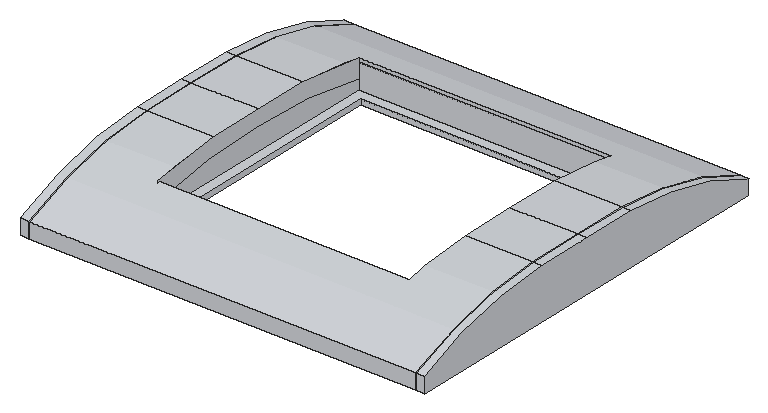
Revit family "Gira_0211756", category Electrical Fixtures, host Face, Revit 2017
Family settings
  Host = Face
  Maintain Annotation Orientation = No
  Round Connector Dimension = Use Diameter
  Part Type = Normal
  Cut with Voids When Loaded = No
  Shared = No
  Room Calculation Point = No
Parameters (values of type "Cov.fr. 1-g interm.fr. CAl Gira Event Clear aubergine")
  With mounting grid = "No"
  With hinged lid = "No"
  URL = "http://katalog.gira.de/en/datenblatt.html?artikelnr=0211756"
  Type of fastening = "Clamp mounting"
  Transparent = "No"
  Surface protection = "Other"
  Surface finishing = "Glossy"
  Suitable for wall duct = "No"
  Suitable for flush-mounted installation = "Yes"
  Suitable for floor box = "No"
  Suitable for built-in installation = "No"
  Number of units vertical = "1"
  Number of units horizontal = "1"
  Number of units = "1"
  Name = "Cov.fr. 1-g interm.fr. CAl Gira Event Clear aubergine"
  Mounting direction = "Horizontal and vertical"
  Material quality = "Thermoplastic"
  Material = "Plastic"
  Manufacturer URL = "https://www.gira.de/"
  Manufacturer = "Gira"
  Label space/information surface = "No"
  Keynote = ""
  HeinzeBIM = "https://bimportal.heinze.de/bim/cov-fr-1-g-interm-fr-cal-gira-event-clear-aubergine/a90b8575b221d562dc2bdd537b19dc7567244bce"
  Halogen free = "Yes"
  HAN = "0211756"
  GTIN = "4010337069171"
  Description = "Cov.fr.1g i.fr.CAl EvCl AU,Gira Event Clear cover frame,aubergine with colour aluminium intermediate frame,1-gang,Features:,- Shatter-proof."
  Degree of protection (IP) = "IP20"
  Default Elevation = 1219.2 mm
  Data sheet (1) = "https://katalog.gira.de/en/download.html?artikelnr=0211756"
  Colour = "Other"
  Category = "Cover frame for domestic switching devices"
  BIM (1) = "https://media.stage.bim.site/public/gira/36a6b08/Event_Rahmen_1fach.rfa"
  Available = "No"
Reference planes
  plane 1 "Center (Front/Back)": y = 0
  plane 2: z = 0
  plane 3 "Center (Left/Right)": x = 0
Forms (mm)
  Extrusion 1, solid, detail levels fine
    sketch origin (0, 0, 1.55) x (0, 1, 0) y (0, 0, 1)
      loop
        arc (12.445, 9.683) -> (6.223, 9.833) -> (0, 9.85) r 291.636
        arc (0, 9.85) -> (-6.223, 9.833) -> (-12.445, 9.683) r 291.636
        arc (-12.445, 9.683) -> (-29.14, 7.482) -> (-45, 1.823) r 79.728
        line (-45, 1.823) -> (-45, -1.55) -> (-41.777, -1.55) -> (-41.777, -0.55)
        arc (-41.777, -0.55) -> (-21.205, 4.846) -> (0, 6.467) r 118.15
        arc (0, 6.467) -> (21.205, 4.846) -> (41.777, -0.55) r 118.15
        line (41.777, -0.55) -> (41.777, -1.55) -> (45, -1.55) -> (45, 1.823)
        arc (45, 1.823) -> (29.14, 7.482) -> (12.445, 9.683) r 79.728
    from -43 to 43
  Extrusion 2, void, detail levels fine
    sketch origin (0, 0, 0) x (1, 0, 0) y (0, 1, 0)
      loop
        line (-28, -28) -> (28, -28) -> (28, 28) -> (-28, 28) -> (-28, -28)
    from 2.85 to 12
  Extrusion 3, solid, detail levels coarse
    sketch origin (0, 0, 0) x (1, 0, 0) y (0, 1, 0)
      loop
        line (-45, 45) -> (-45, -45) -> (45, -45) -> (45, 45) -> (-45, 45)
    from 0 to 11.4
  Extrusion 4, solid, detail levels medium
    sketch origin (0, 0, 1.55) x (0, 1, 0) y (0, 0, 1)
      loop
        arc (12.445, 9.683) -> (6.223, 9.833) -> (0, 9.85) r 291.636
        arc (0, 9.85) -> (-6.223, 9.833) -> (-12.445, 9.683) r 291.636
        arc (-12.445, 9.683) -> (-29.14, 7.482) -> (-45, 1.823) r 79.728
        line (-45, 1.823) -> (-45, -1.55) -> (45, -1.55) -> (45, 1.823)
        arc (45, 1.823) -> (29.14, 7.482) -> (12.445, 9.683) r 79.728
    from -45 to 45
  Extrusion 5, solid, detail levels fine
    sketch origin (0, 0, 0) x (0, 1, 0) y (0, 0, 1)
      loop
        arc (45, 3.373) -> (29.14, 9.032) -> (12.445, 11.233) r 79.728
        arc (12.445, 11.233) -> (6.223, 11.383) -> (0, 11.4) r 291.636
        arc (0, 11.4) -> (-6.223, 11.383) -> (-12.445, 11.233) r 291.636
        arc (-12.445, 11.233) -> (-29.14, 9.032) -> (-45, 3.373) r 79.728
        line (-45, 3.373) -> (-45, 0) -> (45, 0) -> (45, 3.373)
    from 43 to 45
  Extrusion 6, solid, detail levels fine
    sketch origin (0, 0, 0) x (0, 1, 0) y (0, 0, -1)
      loop
        line (45, -3.373) -> (45, 0) -> (-45, 0) -> (-45, -3.373)
        arc (-45, -3.373) -> (-29.14, -9.032) -> (-12.445, -11.233) r 79.728
        arc (-12.445, -11.233) -> (-6.223, -11.383) -> (0, -11.4) r 291.636
        arc (0, -11.4) -> (6.223, -11.383) -> (12.445, -11.233) r 291.636
        arc (12.445, -11.233) -> (29.14, -9.032) -> (45, -3.373) r 79.728
    from 43 to 45
  Extrusion 7, solid, detail levels fine
    sketch origin (0, 0, 0) x (1, 0, 0) y (0, 1, 0)
      loop
        line (-25.7, 25.7) -> (-25.7, -25.7) -> (25.7, -25.7) -> (25.7, 25.7) -> (-25.7, 25.7)
      loop
        line (-29.495, 27.895) -> (-29.495, -27.895)
        spline (-29.495, -27.895) -> (-29.486, -28.025) -> (-29.461, -28.154) -> (-29.419, -28.278) -> (-29.361, -28.395) -> (-29.288, -28.504) -> (-29.202, -28.602) -> (-29.104, -28.688) -> (-28.995, -28.761) -> (-28.878, -28.819) -> (-28.754, -28.861) -> (-28.625, -28.886) -> (-28.495, -28.895)
        line (-28.495, -28.895) -> (28.495, -28.895)
        spline (28.495, -28.895) -> (28.625, -28.886) -> (28.754, -28.861) -> (28.878, -28.819) -> (28.995, -28.761) -> (29.104, -28.688) -> (29.202, -28.602) -> (29.288, -28.504) -> (29.361, -28.395) -> (29.419, -28.278) -> (29.461, -28.154) -> (29.486, -28.025) -> (29.495, -27.895)
        line (29.495, -27.895) -> (29.495, 27.895)
        spline (29.495, 27.895) -> (29.486, 28.025) -> (29.461, 28.154) -> (29.419, 28.278) -> (29.361, 28.395) -> (29.288, 28.504) -> (29.202, 28.602) -> (29.104, 28.688) -> (28.995, 28.761) -> (28.878, 28.819) -> (28.754, 28.861) -> (28.625, 28.886) -> (28.495, 28.895)
        line (28.495, 28.895) -> (-28.495, 28.895)
        spline (-28.495, 28.895) -> (-28.625, 28.886) -> (-28.754, 28.861) -> (-28.878, 28.819) -> (-28.995, 28.761) -> (-29.104, 28.688) -> (-29.202, 28.602) -> (-29.288, 28.504) -> (-29.361, 28.395) -> (-29.419, 28.278) -> (-29.461, 28.154) -> (-29.486, 28.025) -> (-29.495, 27.895)
    from 1.673 to 8.5
Cuts and joins
  Extrusion 2 cuts Extrusion 1
  Extrusion 2 cuts Extrusion 7
Dimensions and locks
  aligned and locked: plane 2 to host face
  aligned and locked: level to host face
